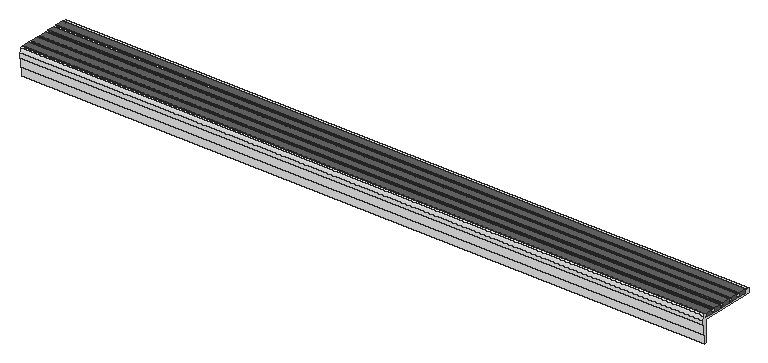
Revit family "Stair_Tread-Wooster-Supergrit_Safety_Treads-132", category Specialty Equipment, host Face, Revit 2017
Family settings
  Host = Face
  Round Connector Dimension = Use Diameter
  Part Type = Normal
  OmniClass Number = 23.30.70.21.11.11.11
  OmniClass Title = Stair Nosings
  Cut with Voids When Loaded = No
  Shared = No
  Room Calculation Point = No
Parameters (values of type "132")
  Width [instance] = 0' - 3"  # constant formula
  Version = "2017 - v2.0a"  # constant formula
  URL = "http://www.wooster-products.com/"
  Support Phone = "(224) 699-9545"  # constant formula
  Support Email = "mailto:support@anguleris.com"
  Safety Tread [instance] = Filler - Wooster - Black - Abrasive Filler
  Product Page URL = "http://www.woosterproducts.com/products/extruded-aluminum/supergrit/"
  Product Name = "Supergrit Nosings / Warning Strips"  # constant formula
  Product Documentation Link = "http://www.woosterproducts.com/spec/132.pdf"
  Model = "132"
  Material = ""
  Manufacturer Phone Number = "1-800-321-4936 or 330-264-2844"  # constant formula
  Manufacturer Fax Number = "330-262-4151"  # constant formula
  Manufacturer Email = "mailto:tim@wooster-products.com"
  Manufacturer Address = "1000 Spruce Street, P.O. BOX 6005, Wooster, OH. 44691"  # constant formula
  Manufacturer = "Wooster Productions Inc"  # constant formula
  Length Constraint [instance] = if(Length > 12' 0", 12' 0", Length)  # 3' - 0"
  Length [instance] = 3' - 0"
  Description = "Anti-Slip Stair Nosing"  # constant formula
  Depth = 0' - 0 1/4"  # constant formula
  Default Elevation = 0' - 0"  # constant formula
  Copyright = "Wooster Products Inc. 2019"  # constant formula
  Construction Type = "Existing Construction"  # constant formula
Values of the unnamed type that differ from the named types
  Support Email = ""
  Product Page URL = "http://www.wooster-products.com/Supergrit_Safety_Treads.html"
  Product Documentation Link = "http://wooster-products.com/pub/Specs/132.pdf"
  Manufacturer Email = ""
Reference planes (in)
  plane 1 "Center (Front/Back)": y = 0
  plane 2: z = 0
  plane 3 "Center (Left/Right)": x = 0
  plane 4 "Left": x = -18
  plane 5 "Right": x = 18
  plane 6 "Back": y = 1.5
  plane 7 "Front": y = -1.5
  plane 8 "Bottom": z = -0.23438
  plane 9: z = 0.01562
Forms (in)
  Sweep 1, void
    path origin (0, 24.07921, 0.01562) x (0, 1, 0) y (-1, 0, 0)
      loop
        line (-22.57921, -18) -> (-22.57921, 18)
    profile "Void : Void" origin (0, 1.5, 0.01562) x (0, -1, 0) y (0, 0, 1)
      loop
        line (0, 0) -> (0, -0.25) -> (2.75619, -0.25)
        arc (2.75619, -0.25) -> (2.80039, -0.26848) -> (2.8187, -0.31268) r 0.06251
        line (2.8187, -0.31268) -> (2.8187, -1.37524) -> (2.97495, -1.37524) -> (2.97495, 0) -> (0, 0)
  Sweep 2, solid, material "Metal - Wooster - Extruded Aluminum"
    path origin (0, 24.07921, 0.01562) x (0, 1, 0) y (-1, 0, 0)
      loop
        line (-22.57921, -18) -> (-22.57921, 18)
    profile "Aluminum Base : Aluminum Base" origin (0, 1.5, 0.01562) x (0, -1, 0) y (0, 0, 1)
      loop
        line (0, 0) -> (0, -0.25) -> (2.75619, -0.25)
        arc (2.75619, -0.25) -> (2.80039, -0.26848) -> (2.8187, -0.31268) r 0.06251
        line (2.8187, -0.31268) -> (2.8187, -1.37524) -> (2.8812, -1.37524) -> (2.8812, -0.91724) -> (2.92807, -0.91724) -> (2.92807, -0.45924) -> (2.97495, -0.45924) -> (2.97495, -0.24854)
        arc (2.97495, -0.24854) -> (2.9602, -0.14238) -> (2.92753, -0.0403) r 0.62501
        arc (2.92753, -0.0403) -> (2.88053, 0.00103) -> (2.82131, -0.0192) r 0.0624
        line (2.82131, -0.0192) -> (2.84807, -0.1824) -> (2.36108, -0.1824) -> (2.39122, 0.00217) -> (2.2662, 0.00217) -> (2.29632, -0.1824) -> (1.80932, -0.1824) -> (1.83945, 0.00217) -> (1.71445, 0.00217) -> (1.74457, -0.1824) -> (1.25757, -0.1824) -> (1.2877, 0.00217) -> (1.16269, 0.00217) -> (1.19281, -0.1824) -> (0.70582, -0.1824) -> (0.73594, 0.00217) -> (0.61257, 0.00217) -> (0.6427, -0.1824) -> (0.15569, -0.1824) -> (0.18546, 0) -> (0, 0)
  Sweep 3, solid, material "Filler - Wooster - Black - Abrasive Filler" <- "Safety Tread"
    path origin (0, 24.07921, 0.01562) x (0, 1, 0) y (-1, 0, 0)
      loop
        line (-22.57921, 18) -> (-22.57921, -18)
    profile "Abrasive Filler : Abrasive Filler" origin (0, 1.5, 0.01562) x (0, 1, 0) y (0, 0, 1)
      loop
        line (-2.81417, 0.02429) -> (-2.84807, -0.1824) -> (-2.36108, -0.1824) -> (-2.39483, 0.02429) -> (-2.81417, 0.02429)
      loop
        line (-1.84306, 0.02429) -> (-2.26258, 0.02429) -> (-2.29632, -0.1824) -> (-1.80932, -0.1824) -> (-1.84306, 0.02429)
      loop
        line (-1.29131, 0.02429) -> (-1.71084, 0.02429) -> (-1.74457, -0.1824) -> (-1.25757, -0.1824) -> (-1.29131, 0.02429)
      loop
        line (-1.15908, 0.02429) -> (-1.19281, -0.1824) -> (-0.70582, -0.1824) -> (-0.73955, 0.02429) -> (-1.15908, 0.02429)
      loop
        line (-0.18943, 0.02429) -> (-0.60896, 0.02429) -> (-0.6427, -0.1824) -> (-0.15569, -0.1824) -> (-0.18943, 0.02429)
Lines and regions (in)
  Masking region 1
    outline origin (0, 0, 0) x (1, 0, 0) y (0, 1, 0)
      loop
        line (-18, 1.5) -> (-18, -1.5) -> (18, -1.5) -> (18, 1.5) -> (-18, 1.5)
Dimensions and locks (in)
  equal spacing: plane 4 "Left", plane 3 "Center (Left/Right)", plane 5 "Right"
  "Length Constraint": plane 4 "Left" to plane 5 "Right"
  equal spacing: plane 7 "Front", plane 1 "Center (Front/Back)", plane 6 "Back"
  "Width": plane 7 "Front" to plane 6 "Back"
  "Depth": plane 9 to plane 8 "Bottom"
  locked: plane 2 to plane 8 "Bottom" at 0.23438
  aligned and locked: plane 2 to host face
  aligned and locked: level to host face
  aligned and locked: plane 6 "Back" to Sweep 1 sketch curve
  aligned and locked: plane 5 "Right" to Sweep 1 sketch curve
  aligned and locked: plane 4 "Left" to Sweep 1 sketch curve
  aligned and locked: plane 6 "Back" to Sweep 2 sketch curve
  aligned and locked: plane 5 "Right" to Sweep 2 sketch curve
  aligned and locked: plane 4 "Left" to Sweep 2 sketch curve
  aligned and locked: Sweep 3 sketch curve to plane 6 "Back"
  aligned and locked: plane 5 "Right" to Sweep 3 sketch curve
  aligned and locked: plane 4 "Left" to Sweep 3 sketch curve
  aligned and locked: plane 4 "Left" to Masking region 1 sketch curve
  aligned and locked: Masking region 1 sketch curve to plane 6 "Back"
  aligned and locked: Masking region 1 sketch curve to plane 7 "Front"
  aligned and locked: plane 5 "Right" to Masking region 1 sketch curve
Automatic sketch dimensions
  host sketch curve to host sketch curve = 8' - 0"
  host sketch curve to host sketch curve = 4' - 0"
